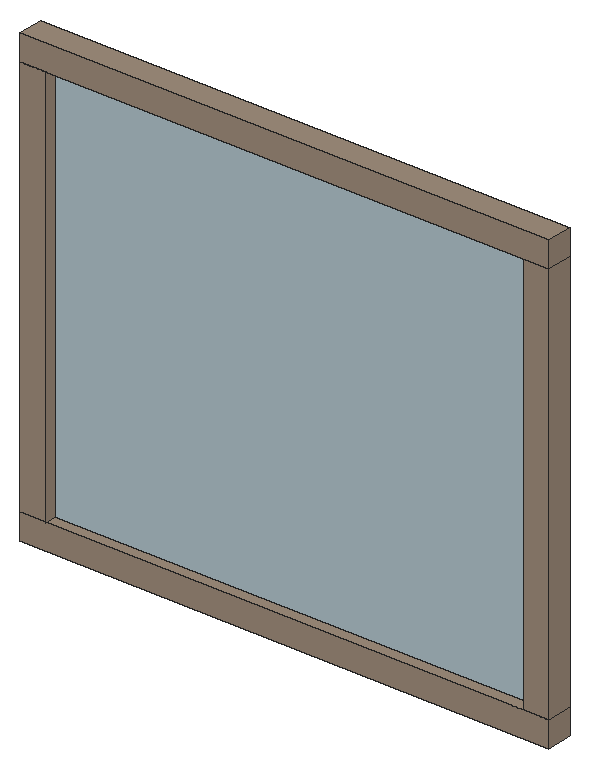
Revit family "IOH_Window_1", category Windows, host Wall, Revit 2014
Parameters (values of type "1600X1860")
  Height = 1600 mm
  Default Sill Height = 800 mm
  Wall Closure = By host
  Width = 1860 mm
Reference planes
  plane 1 "Center (Front/Back)": y = 0
  plane 2 "Center (Left/Right)": x = 0
  plane 3 "Left": x = -930
  plane 4 "Right": x = 930
  plane 5 "Sill": z = 800
  plane 6 "Head": z = 2400
  plane 7 "Exterior": y = 100
  plane 8 "Interior": y = -100
Forms (mm)
  Extrusion 1, solid, material "IfcSurfaceStyle #2396"
    sketch origin (-143.971, 9.401, -700.388) x (1, 0, 0) y (0, 1, 0)
      loop
        line (-786.029, -54.401) -> (-696.029, -54.401) -> (-696.029, 35.599) -> (-786.029, 35.599) -> (-786.029, -54.401)
    from 1590.388 to 3010.388
  Extrusion 2, solid, material "IfcSurfaceStyle #2396"
    sketch origin (2135.993, 9.401, 1586.029) x (0, 0, 1) y (0, 1, 0)
      loop
        line (-786.029, -54.401) -> (-696.029, -54.401) -> (-696.029, 35.599) -> (-786.029, 35.599) -> (-786.029, -54.401)
    from 1205.993 to 3065.993
  Extrusion 3, solid, material "IfcSurfaceStyle #2396"
    sketch origin (2135.993, 9.401, 3096.029) x (0, 0, 1) y (0, 1, 0)
      loop
        line (-786.029, -54.401) -> (-696.029, -54.401) -> (-696.029, 35.599) -> (-786.029, 35.599) -> (-786.029, -54.401)
    from 1205.993 to 3065.993
  Extrusion 4, solid, material "IfcSurfaceStyle #2396"
    sketch origin (1626.029, 9.401, -700.388) x (1, 0, 0) y (0, 1, 0)
      loop
        line (-786.029, -54.401) -> (-696.029, -54.401) -> (-696.029, 35.599) -> (-786.029, 35.599) -> (-786.029, -54.401)
    from 1590.388 to 3010.388
  Extrusion 5, solid, material "IfcSurfaceStyle #2635"
    sketch origin (0, 0, 0) x (1, 0, 0) y (0, 1, 0)
      loop
        line (-840, -5) -> (840, -5) -> (840, 5) -> (-840, 5) -> (-840, -5)
    from 890 to 2310
Lines and regions (mm)
  Opening 1
    outline origin (3500, -100, 0) x (1, 0, 0) y (0, 0, 1)
      loop
        line (-2570, 800) -> (-2570, 2400) -> (-4430, 2400) -> (-4430, 800) -> (-2570, 800)
Text (mm)
  text "EXTERIOR" at (-1963.203, 1332.353, 0), in view "Ref. Level"
  text "INTERIOR" at (-1981.466, -818.386, 0), in view "Ref. Level"
  text "Exterior" at (0, 923.751, 2943.296), in view "Right"
  text "Exterior" at (0, 1040.484, 2685.409), in view "Left"
Dimensions and locks
  equal spacing: plane 3 "Left", plane 2 "Center (Left/Right)", plane 4 "Right"
  "Width": plane 3 "Left" to plane 4 "Right"
  "Height": plane 5 "Sill" to plane 6 "Head"
  "Default Sill Height": plane 5 "Sill" to level
  locked: plane 7 "Exterior" to host wall at 0
  locked: plane 8 "Interior" to host wall
  aligned and locked: Extrusion 2 to plane 4 "Right"
  aligned and locked: plane 3 "Left" to Extrusion 2
  aligned and locked: Extrusion 1 to Extrusion 3
  aligned and locked: Extrusion 1 to Extrusion 2
  aligned and locked: Extrusion 3 to plane 4 "Right"
  aligned and locked: plane 3 "Left" to Extrusion 3
  aligned and locked: Extrusion 5 to Extrusion 1  (x2)
  aligned and locked: Extrusion 5 to Extrusion 4
  aligned and locked: Extrusion 1 to Extrusion 5
Automatic sketch dimensions
  plane 3 "Left" to Opening 1 sketch curve = 0 mm
  plane 4 "Right" to Opening 1 sketch curve = 0 mm
  Opening 1 sketch curve to plane 5 "Sill" = 0 mm
  Opening 1 sketch curve to plane 6 "Head" = 0 mm
  Extrusion 1 sketch curve to plane 3 "Left" = 0 mm
  Extrusion 1 sketch curve to host wall = 45 mm
  Extrusion 1 sketch curve to plane 3 "Left" = 90 mm
  host wall to Extrusion 1 sketch curve = 45 mm
  plane 5 "Sill" to Extrusion 2 sketch curve = 0 mm
  Extrusion 2 sketch curve to host wall = 45 mm
  Extrusion 2 sketch curve to plane 5 "Sill" = 90 mm
  host wall to Extrusion 2 sketch curve = 45 mm
  plane 6 "Head" to Extrusion 3 sketch curve = 0 mm
  Extrusion 3 sketch curve to Extrusion 3 sketch curve = 90 mm
  host wall to Extrusion 3 sketch curve = 45 mm
  Extrusion 3 sketch curve to host wall = 45 mm
  Extrusion 4 sketch curve to plane 4 "Right" = 0 mm
  Extrusion 4 sketch curve to Extrusion 4 sketch curve = 90 mm
  host wall to Extrusion 4 sketch curve = 45 mm
  Extrusion 4 sketch curve to host wall = 45 mm
  Extrusion 5 sketch curve to host wall = 5 mm
  Extrusion 5 sketch curve to plane 3 "Left" = 90 mm
  Extrusion 5 sketch curve to Extrusion 5 sketch curve = 1680 mm
  host wall to Extrusion 5 sketch curve = 5 mm
